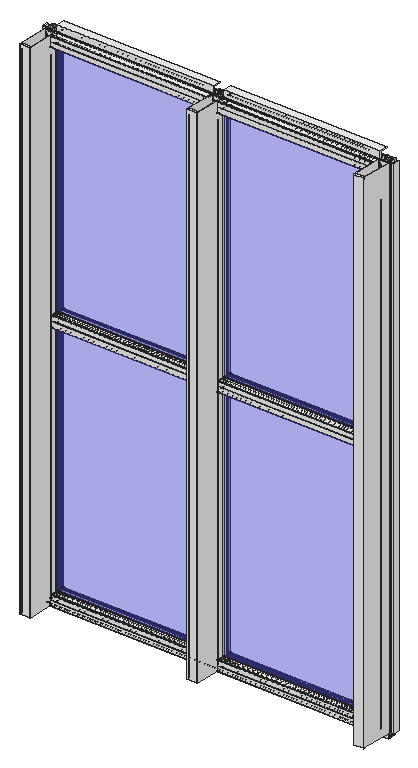
Revit family "Facade_60_Curtain_Wall_E22_Custom", category Windows, host Wall, Revit 2014 (continued)
Definition of nested family "F60 Horizontal Profile Middle_E22_Cust"
  Forms (mm)
    Extrusion 7, solid, material <- "Profile Material", visible <- "Single Glazing"
      sketch origin (0, 0, 0) x (0, 1, 0) y (0, 0, 1)
        loop
          arc (-68.601, 56.703) -> (-68.216, 56.829) -> (-68.051, 57.2) r 0.5
          line (-68.051, 57.2) -> (-68.051, 58.517) -> (-67.089, 58.986) -> (-66.563, 57.907) -> (-63.866, 59.222)
          arc (-63.866, 59.222) -> (-64.001, 59.762) -> (-64.504, 60) r 0.65
          line (-64.504, 60) -> (-73.859, 60)
          arc (-73.859, 60) -> (-76.687, 58.828) -> (-77.859, 56) r 4
          line (-77.859, 56) -> (-77.859, 30) -> (-77.859, 2.493)
          arc (-77.859, 2.493) -> (-77.197, 0.799) -> (-75.562, 0.002) r 2.5
          arc (-75.562, 0.002) -> (-75.182, 0.132) -> (-75.021, 0.5) r 0.5
          line (-75.021, 0.5) -> (-75.021, 2) -> (-69.151, 2) -> (-69.151, 0.5)
          arc (-69.151, 0.5) -> (-69.005, 0.146) -> (-68.651, 0) r 0.5
          line (-68.651, 0) -> (-64.504, 0)
          arc (-64.504, 0) -> (-64.001, 0.238) -> (-63.866, 0.778) r 0.65
          line (-63.866, 0.778) -> (-66.563, 2.093) -> (-67.089, 1.014) -> (-68.051, 1.483) -> (-68.051, 2.8)
          arc (-68.051, 2.8) -> (-68.198, 3.154) -> (-68.551, 3.3) r 0.5
      from 0 to 250 <- "Length"
    Extrusion 8, solid, material <- "Thermal Break Material", visible <- "Double Glazing"
      sketch origin (0, 0, 0) x (0, 1, 0) y (0, 0, 1)
        loop
          line (-77.8, 27.673) -> (-77.8, 25.751)
          arc (-77.8, 25.751) -> (-77.654, 25.397) -> (-77.3, 25.251) r 0.5
          line (-77.3, 25.251) -> (-59.8, 25.251)
          arc (-59.8, 25.251) -> (-59.446, 25.397) -> (-59.3, 25.751) r 0.5
          line (-59.3, 25.751) -> (-59.3, 27.647) -> (-49.599, 27.647) -> (-47.528, 28.649)
          arc (-47.528, 28.649) -> (-46.803, 29.999) -> (-47.528, 31.349) r 1.62
          line (-47.528, 31.349) -> (-49.602, 32.353) -> (-59.3, 32.353) -> (-59.3, 34.251)
          arc (-59.3, 34.251) -> (-59.446, 34.604) -> (-59.8, 34.751) r 0.5
          line (-59.8, 34.751) -> (-77.3, 34.751)
          arc (-77.3, 34.751) -> (-77.654, 34.604) -> (-77.8, 34.251) r 0.5
          line (-77.8, 34.251) -> (-77.8, 32.327) -> (-76.4, 31.52) -> (-76.4, 28.482) -> (-77.8, 27.673)
        loop
          line (-59.006, 30.708) -> (-61.156, 32.858)
          arc (-61.156, 32.858) -> (-61.48, 33.074) -> (-61.863, 33.151) r 1
          line (-61.863, 33.151) -> (-73.8, 33.151)
          arc (-73.8, 33.151) -> (-74.507, 32.858) -> (-74.8, 32.151) r 1
          line (-74.8, 32.151) -> (-74.8, 27.851)
          arc (-74.8, 27.851) -> (-74.507, 27.144) -> (-73.8, 26.851) r 1
          line (-73.8, 26.851) -> (-61.863, 26.851)
          arc (-61.863, 26.851) -> (-61.48, 26.927) -> (-61.156, 27.144) r 1
          line (-61.156, 27.144) -> (-59.006, 29.294)
          arc (-59.006, 29.294) -> (-58.788, 29.618) -> (-58.713, 30.001) r 0.986
          arc (-58.713, 30.001) -> (-58.79, 30.383) -> (-59.006, 30.708) r 1.007
        loop
          line (-56.782, 28.347) -> (-49.415, 28.347) -> (-48.055, 29.005)
          arc (-48.055, 29.005) -> (-47.35, 29.887) -> (-47.854, 30.896) r 1.047
          line (-47.854, 30.896) -> (-49.415, 31.652) -> (-56.782, 31.652)
          arc (-56.782, 31.652) -> (-57.207, 31.416) -> (-57.23, 30.93) r 0.5
          arc (-57.23, 30.93) -> (-57.013, 29.999) -> (-57.23, 29.068) r 2.099
          arc (-57.23, 29.068) -> (-57.207, 28.583) -> (-56.782, 28.347) r 0.5
      from 0 to 250 <- "Length"
    Extrusion 9, solid, material <- "Profile Material", visible <- "Double Glazing"
      sketch origin (0, 0, 0) x (0, 1, 0) y (0, 0, 1)
        loop
          line (-77.8, 52.694) -> (-78.8, 52.694) -> (-78.8, 51.544) -> (-80.05, 51.544) -> (-80.05, 57.044) -> (-78.8, 57.044) -> (-78.8, 55.894) -> (-77.8, 55.894) -> (-77.8, 58.294)
          arc (-77.8, 58.294) -> (-78.082, 58.802) -> (-78.664, 58.834) r 0.6
          line (-78.664, 58.834) -> (-80.562, 57.909) -> (-81.088, 58.988) -> (-82.05, 58.518) -> (-82.05, 48.512)
          arc (-82.05, 48.512) -> (-81.874, 48.088) -> (-81.45, 47.912) r 0.6
          line (-81.45, 47.912) -> (-80.6, 47.912) -> (-80.6, 12.089) -> (-81.45, 12.089)
          arc (-81.45, 12.089) -> (-81.874, 11.913) -> (-82.05, 11.489) r 0.6
          line (-82.05, 11.489) -> (-82.05, 1.484) -> (-81.088, 1.015) -> (-80.562, 2.094) -> (-78.663, 1.169)
          arc (-78.663, 1.169) -> (-78.082, 1.199) -> (-77.8, 1.708) r 0.6
          line (-77.8, 1.708) -> (-77.8, 4.108) -> (-78.8, 4.108) -> (-78.8, 2.958) -> (-80.05, 2.958) -> (-80.05, 8.458) -> (-78.8, 8.458) -> (-78.8, 7.308) -> (-77.8, 7.308) -> (-77.8, 27.673) -> (-76.4, 28.482) -> (-76.4, 31.52) -> (-77.8, 32.328) -> (-77.8, 52.694)
      from 0 to 250 <- "Length"
    Extrusion 10, solid, material <- "Profile Material", visible <- "Double Glazing"
      sketch origin (0, 0, 0) x (0, 1, 0) y (0, 0, 1)
        loop
          line (-82.551, 3.3) -> (-90.558, 3.3) -> (-90.558, 30) -> (-90.558, 56.15)
          arc (-90.558, 56.15) -> (-89.738, 58.13) -> (-87.758, 58.95) r 2.8
          line (-87.758, 58.95) -> (-83.151, 58.95) -> (-83.151, 57.2)
          arc (-83.151, 57.2) -> (-82.986, 56.829) -> (-82.601, 56.703) r 0.5
          arc (-82.601, 56.703) -> (-82.215, 56.829) -> (-82.051, 57.2) r 0.5
          line (-82.051, 57.2) -> (-82.051, 58.517) -> (-81.088, 58.986) -> (-80.563, 57.907) -> (-77.866, 59.222)
          arc (-77.866, 59.222) -> (-78, 59.762) -> (-78.503, 60) r 0.65
          line (-78.503, 60) -> (-87.858, 60)
          arc (-87.858, 60) -> (-90.687, 58.828) -> (-91.858, 56) r 4
          line (-91.858, 56) -> (-91.858, 30) -> (-91.858, 2.493)
          arc (-91.858, 2.493) -> (-91.196, 0.799) -> (-89.561, 0.002) r 2.5
          arc (-89.561, 0.002) -> (-89.182, 0.132) -> (-89.021, 0.5) r 0.5
          line (-89.021, 0.5) -> (-89.021, 2) -> (-83.151, 2) -> (-83.151, 0.5)
          arc (-83.151, 0.5) -> (-83.004, 0.146) -> (-82.651, 0) r 0.5
          line (-82.651, 0) -> (-78.503, 0)
          arc (-78.503, 0) -> (-78, 0.238) -> (-77.866, 0.778) r 0.65
          line (-77.866, 0.778) -> (-80.563, 2.093) -> (-81.088, 1.014) -> (-82.051, 1.483) -> (-82.051, 2.8)
          arc (-82.051, 2.8) -> (-82.197, 3.154) -> (-82.551, 3.3) r 0.5
      from 0 to 250 <- "Length"
  Dimensions and locks
    aligned and locked: level to plane 2
